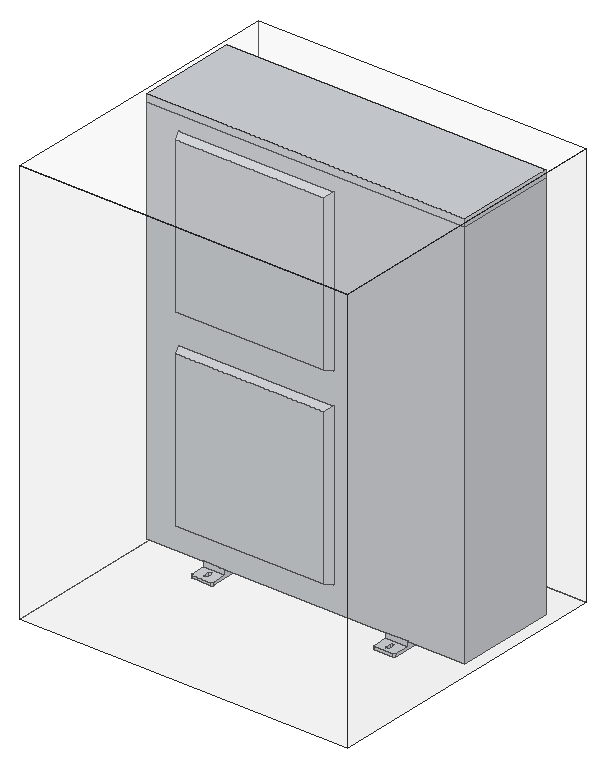
Revit family "puz-dhrmp80_140ka2_50hz", category 機械設備, Revit 2019
Family settings
  丸型コネクタ寸法 = 直径を使用
  パーツ タイプ = 標準
  OmniClass 番号 = 23.75.10.24.21.27.27
  OmniClass タイトル = Split System Air Conditioning Units
  作業面ベース = いいえ
  常に垂直 = はい
  ロード時にボイドで切り取り = いいえ
  共有 = いいえ
  部屋計算ポイント = いいえ
Parameters (values of type "室外機_PUZ-DHRMP80KA2 (-BS,BSG)")
  音響パワーレベル（冷）(dB) = 66
  音響パワーレベル(dB) = 68
  電源種別 = ""
  電源位置Y = 2 mm
  電源位置Z = 1063 mm
  電源位置X = 325 mm
  電圧 = 200 V
  電動機出力_送風機 = 0.12 kW
  電動機出力_圧縮機 = 1.5 kW
  集中コントローラ [instance] = ""
  運転質量 = 0.00 kg
  運転方法 = "冷暖切替"
  質量 = if(製品質量 > 運転質量, 製品質量, 運転質量) * 1.2  # 138.00 kg
  負荷分類 = 1_熱源類
  説明 = "空冷H/P PAC インバータ室外機"
  設計暖房能力 [instance] = 0 kW
  設計冷房能力_顕熱 [instance] = 0 kW
  設計冷房能力 [instance] = 0 kW
  設置方法 = "床置形"
  記号 [instance] = ""
  製造元 = "三菱電機株式会社"
  製品質量 = 115.00 kg
  製品出荷対象 = "国内"
  製品リリース年月 = ""
  製品グループ = ""
  系統 [instance] = ""
  符号 = "PAC"
  積算_科目 = "1 空気調和設備"
  積算_拾い区分 [instance] = ""
  相 = 3
  盤記号 [instance] = ""
  発停方法 = "付属スイッチ"
  特殊仕様 [instance] = ""
  消費電力_暖房 = 1.92 kW
  消費電力_冷房 = 1.77 kW
  消費電力 = if(消費電力_冷房 > 消費電力_暖房, 消費電力_冷房, 消費電力_暖房)  # 1.92 kW
  法定耐用年数 = "6"
  構成品番 = "PUZ-DHRMP80KA2 (-BS,-BSG)"
  極数 = 3
  材質 [instance] = ""
  本体マテリアル = none
  最小電線太さ_mm2 = 1.6
  最大電流値 = 0 A
  暖房能力 = 8 kW
  推奨ブレーカー容量 = 30 A
  据付ピッチ1 = 0 mm
  形式 = "パッケージ形 室外機"
  形名 = PUZ-ZRMP-3 : PUZ-ZRMP112KA11
  幹線記号 [instance] = ""
  始動方式 = "インバータ始動方式"
  呼称 = "パッケージ形空気調和機_室外機"
  周波数 = 50 Hz
  価格 = 0
  ドレン　位置Z = 23 mm
  ドレン　位置Y = 176 mm
  ドレン　位置X = 45 mm
  アンカーボルト位置Y = 370 mm
  アンカーボルト位置X = 600 mm
  参照している仕様書等のバージョン = "公共建築物標準仕様書（機械設備工事編）平成31年度版"
  分類コード = "50053003126100"
  分類グループ = ""
  冷房能力 = 7.1 kW
  冷媒管（ガス）位置X = 483 mm
  冷媒管（液）位置X = 423 mm
  冷媒管（液）位置Y = 290 mm
  冷媒管（ガス）位置Y = 234 mm
  冷媒管長 [instance] = 0 mm
  冷媒管径符号 = "Bd"
  冷媒管径 = 100.00 mm
  冷媒管位置Z = 450 mm
  冷媒管位置Y = (冷媒管（液）位置Y + 冷媒管（ガス）位置Y) / 2  # 262 mm
  冷媒管位置X = (冷媒管（液）位置X + 冷媒管（ガス）位置X) / 2  # 453 mm
  冷媒液管径 = 9.52 mm
  冷媒ガス管径 = 15.88 mm
  企業コード = "108420"
  付属品 [instance] = ""
  仕様書バージョン = "Version1.0"
  ユニット数 = 1
  Model = ""
  ドレン管径 = 33.00 mm
  サービススペース = yes
  コメント [instance] = ""
  ケーブル種類1 = ""
  【値が 0 の項目は組合せ形名にてご確認ください】 = ""
  Width = 1050 mm
  Version = ""
  Uniclass2015Version = "Systems v1.9"
  Uniclass2015Title = "Split coil remote air cooled condensing units"
  Uniclass2015Code = "Pr_70_65_03_84"
  URL = "https://www.mitsubishielectric.co.jp/ldg/wink/ssl/top.do"
  SpecificationReference = ""
  SpecificationDescription = ""
  Revision = ""
  ProductInformation = ""
  OmniClassCode = "23-33 17 13 11"
  IfcTypeProduct = ""
  IfcProduct = ""
  IfcExportType = "AIRCONDITIONINGUNIT"
  IfcExportAs = "IfcUnitaryEquipmentType"
  Height = 1338 mm
  Depth = 330 mm
  Clearance Top = 0 mm
  Clearance Right = 15 mm
  Clearance Left = 15 mm
  Clearance Front = 500 mm
  Clearance Bottom = 0 mm
  Clearance Back = 150 mm
  COP = 0
  Author = "三菱電機株式会社"
  APF = 0
Reference planes
  plane 1 "中心(正面/背面)": y = 74
  plane 2: z = 0
  plane 3 "中心(左/右)": x = 830
  plane 4 "右": x = 1355
  plane 5 "左": x = 305
  plane 6 "背面": y = 239
  plane 7 "正面": y = -91
  plane 8 "上部": z = 1338
  plane 9 "Clearanse Top": z = 1338
  plane 10 "SS_back": y = 389
  plane 11 "SS_front": y = -591
  plane 12 "SS_left": x = 290
  plane 13 "SS_right": x = 1370
  plane 14: z = 0
  plane 15: y = -89
  plane 16: x = 1155
  plane 17: z = 1063
  plane 18: y = -87
  plane 19: y = -23
  plane 20: x = 1283
  plane 21: z = 450
  plane 22: z = 452
  plane 23: y = 63
  plane 24: x = 350
  plane 25: z = 25
  plane 26: z = 23
  plane 27: x = 530
  plane 28: x = 1130
  plane 29: y = 259
  plane 30: y = -111
Forms (mm)
  Extrusion 1, solid, detail levels fine
    sketch origin (0, -91, 0) x (1, 0, 0) y (0, 0, 1)
      loop
        circle (1155, 1063) r 13.5
    from -4 to -2
  Extrusion 2, solid, detail levels fine
    sketch origin (-1437.329, -1524, 54) x (-1, 0, 0) y (0, -1, 0)
      loop
        circle (-2720.329, -1501) r 50
    from 396 to 398
  Extrusion 3, solid, detail levels fine
    sketch origin (-1437.329, -1524, 54) x (-1, 0, 0) y (0, -1, 0)
      loop
        circle (-1787.329, -1587) r 16.5
    from -31 to -29
Lines and regions (mm)
  model lines, not visible
    curve 1: line (460, 178.667, 1289.179) -> (460, 297.73, 1289.179)
    curve 2: line (460, 178.667, 1056.056) -> (460, 178.667, 1289.179)
    curve 3: line (460, 297.73, 1056.056) -> (460, 178.667, 1056.056)
    curve 4: line (460, 297.73, 1289.179) -> (460, 297.73, 1056.056)
    curve 5: line (460, 47.598, 1289.179) -> (460, 166.661, 1289.179)
    curve 6: line (460, 47.598, 1056.056) -> (460, 47.598, 1289.179)
    curve 7: line (460, 166.661, 1056.056) -> (460, 47.598, 1056.056)
    curve 8: line (460, 166.661, 1289.179) -> (460, 166.661, 1056.056)
    curve 9: line (460, -83.471, 1289.179) -> (460, 35.592, 1289.179)
    curve 10: line (460, -83.471, 1056.056) -> (460, -83.471, 1289.179)
    curve 11: line (460, 35.592, 1056.056) -> (460, -83.471, 1056.056)
    curve 12: line (460, 35.592, 1289.179) -> (460, 35.592, 1056.056)
    curve 13: line (460, -150.779, 1289.179) -> (460, -95.75, 1289.179)
    curve 14: line (460, -150.779, 1056.056) -> (460, -150.779, 1289.179)
    curve 15: line (460, -95.75, 1056.056) -> (460, -150.779, 1056.056)
    curve 16: line (460, -95.75, 1289.179) -> (460, -95.75, 1056.056)
    curve 17: line (460, -150.779, 1283.175) -> (460, -132.596, 1283.175)
    curve 18: line (460, -150.779, 1062.059) -> (460, -150.779, 1283.175)
    curve 19: line (460, -132.596, 1062.059) -> (460, -150.779, 1062.059)
    curve 20: line (460, -132.596, 1283.175) -> (460, -132.596, 1062.059)
    curve 21: line (460, 178.667, 1046.051) -> (460, 297.73, 1046.051)
    curve 22: line (460, 178.667, 812.928) -> (460, 178.667, 1046.051)
    curve 23: line (460, 297.73, 812.928) -> (460, 178.667, 812.928)
    curve 24: line (460, 297.73, 1046.051) -> (460, 297.73, 812.928)
    curve 25: line (460, 47.598, 1046.051) -> (460, 166.661, 1046.051)
    curve 26: line (460, 47.598, 812.928) -> (460, 47.598, 1046.051)
    curve 27: line (460, 166.661, 812.928) -> (460, 47.598, 812.928)
    curve 28: line (460, 166.661, 1046.051) -> (460, 166.661, 812.928)
    curve 29: line (460, -83.471, 1046.051) -> (460, 35.592, 1046.051)
    curve 30: line (460, -83.471, 812.928) -> (460, -83.471, 1046.051)
    curve 31: line (460, 35.592, 812.928) -> (460, -83.471, 812.928)
    curve 32: line (460, 35.592, 1046.051) -> (460, 35.592, 812.928)
    curve 33: line (460, -150.779, 1046.051) -> (460, -95.75, 1046.051)
    curve 34: line (460, -150.779, 812.928) -> (460, -150.779, 1046.051)
    curve 35: line (460, -95.75, 812.928) -> (460, -150.779, 812.928)
    curve 36: line (460, -95.75, 1046.051) -> (460, -95.75, 812.928)
    curve 37: line (460, -150.779, 1040.048) -> (460, -132.596, 1040.048)
    curve 38: line (460, -150.779, 818.931) -> (460, -150.779, 1040.048)
    curve 39: line (460, -132.596, 818.931) -> (460, -150.779, 818.931)
    curve 40: line (460, -132.596, 1040.048) -> (460, -132.596, 818.931)
    curve 41: line (460, 178.667, 802.923) -> (460, 297.73, 802.923)
    curve 42: line (460, 178.667, 569.8) -> (460, 178.667, 802.923)
    curve 43: line (460, 297.73, 569.8) -> (460, 178.667, 569.8)
    curve 44: line (460, 297.73, 802.923) -> (460, 297.73, 569.8)
    curve 45: line (460, 47.598, 802.923) -> (460, 166.661, 802.923)
    curve 46: line (460, 47.598, 569.8) -> (460, 47.598, 802.923)
    curve 47: line (460, 166.661, 569.8) -> (460, 47.598, 569.8)
    curve 48: line (460, 166.661, 802.923) -> (460, 166.661, 569.8)
    curve 49: line (460, -83.471, 802.923) -> (460, 35.592, 802.923)
    curve 50: line (460, -83.471, 569.8) -> (460, -83.471, 802.923)
    curve 51: line (460, 35.592, 569.8) -> (460, -83.471, 569.8)
    curve 52: line (460, 35.592, 802.923) -> (460, 35.592, 569.8)
    curve 53: line (460, -150.779, 802.923) -> (460, -95.75, 802.923)
    curve 54: line (460, -150.779, 569.8) -> (460, -150.779, 802.923)
    curve 55: line (460, -95.75, 569.8) -> (460, -150.779, 569.8)
    curve 56: line (460, -95.75, 802.923) -> (460, -95.75, 569.8)
    curve 57: line (460, -150.779, 796.92) -> (460, -132.596, 796.92)
    curve 58: line (460, -150.779, 575.803) -> (460, -150.779, 796.92)
    curve 59: line (460, -132.596, 575.803) -> (460, -150.779, 575.803)
    curve 60: line (460, -132.596, 796.92) -> (460, -132.596, 575.803)
    curve 61: line (460, 178.667, 559.795) -> (460, 297.73, 559.795)
    curve 62: line (460, 178.667, 326.672) -> (460, 178.667, 559.795)
    curve 63: line (460, 297.73, 326.672) -> (460, 178.667, 326.672)
    curve 64: line (460, 297.73, 559.795) -> (460, 297.73, 326.672)
    curve 65: line (460, 47.598, 559.795) -> (460, 166.661, 559.795)
    curve 66: line (460, 47.598, 326.672) -> (460, 47.598, 559.795)
    curve 67: line (460, 166.661, 326.672) -> (460, 47.598, 326.672)
    curve 68: line (460, 166.661, 559.795) -> (460, 166.661, 326.672)
    curve 69: line (460, -83.471, 559.795) -> (460, 35.592, 559.795)
    curve 70: line (460, -83.471, 326.672) -> (460, -83.471, 559.795)
    curve 71: line (460, 35.592, 326.672) -> (460, -83.471, 326.672)
    curve 72: line (460, 35.592, 559.795) -> (460, 35.592, 326.672)
    curve 73: line (460, -150.779, 559.795) -> (460, -95.75, 559.795)
    curve 74: line (460, -150.779, 326.672) -> (460, -150.779, 559.795)
    curve 75: line (460, -95.75, 326.672) -> (460, -150.779, 326.672)
    curve 76: line (460, -95.75, 559.795) -> (460, -95.75, 326.672)
    curve 77: line (460, -150.779, 553.792) -> (460, -132.596, 553.792)
    curve 78: line (460, -150.779, 332.675) -> (460, -150.779, 553.792)
    curve 79: line (460, -132.596, 332.675) -> (460, -150.779, 332.675)
    curve 80: line (460, -132.596, 553.792) -> (460, -132.596, 332.675)
    curve 81: line (460, 178.667, 316.667) -> (460, 297.73, 316.667)
    curve 82: line (460, 178.667, 83.544) -> (460, 178.667, 316.667)
    curve 83: line (460, 297.73, 83.544) -> (460, 178.667, 83.544)
    curve 84: line (460, 297.73, 316.667) -> (460, 297.73, 83.544)
    curve 85: line (460, 47.598, 316.667) -> (460, 166.661, 316.667)
    curve 86: line (460, 47.598, 83.544) -> (460, 47.598, 316.667)
    curve 87: line (460, 166.661, 83.544) -> (460, 47.598, 83.544)
    curve 88: line (460, 166.661, 316.667) -> (460, 166.661, 83.544)
    curve 89: line (460, -83.471, 316.667) -> (460, 35.592, 316.667)
    curve 90: line (460, -83.471, 83.544) -> (460, -83.471, 316.667)
    curve 91: line (460, 35.592, 83.544) -> (460, -83.471, 83.544)
    curve 92: line (460, 35.592, 316.667) -> (460, 35.592, 83.544)
    curve 93: line (460, -150.779, 316.667) -> (460, -95.75, 316.667)
    curve 94: line (460, -150.779, 83.544) -> (460, -150.779, 316.667)
    curve 95: line (460, -95.75, 83.544) -> (460, -150.779, 83.544)
    curve 96: line (460, -95.75, 316.667) -> (460, -95.75, 83.544)
    curve 97: line (460, -150.779, 310.664) -> (460, -132.596, 310.664)
    curve 98: line (460, -150.779, 89.547) -> (460, -150.779, 310.664)
    curve 99: line (460, -132.596, 89.547) -> (460, -150.779, 89.547)
    curve 100: line (460, -132.596, 310.664) -> (460, -132.596, 89.547)
Dimensions and locks
  equal spacing: plane 7 "正面", plane 1 "中心(正面/背面)", plane 6 "背面"
  "Depth": plane 7 "正面" to plane 6 "背面"
  "Width": plane 5 "左" to plane 4 "右"
  equal spacing: plane 5 "左", plane 3 "中心(左/右)", plane 4 "右"
  "Clearance Left": plane 12 "SS_left" to plane 5 "左"
  "Clearance Right": plane 4 "右" to plane 13 "SS_right"
  "Clearance Back": plane 6 "背面" to plane 10 "SS_back"
  "Clearance Front": plane 11 "SS_front" to plane 7 "正面"
  "Height": plane 8 "上部" to level
  "Clearance Top": plane 9 "Clearanse Top" to plane 8 "上部"
  "Clearance Bottom": level to plane 14
  "電源位置X": plane 3 "中心(左/右)" to plane 16
  "電源位置Y": plane 7 "正面" to plane 15
  "電源位置Z": plane 17 to level
  locked: plane 15 to plane 18 at 2
  "冷媒管位置X": plane 3 "中心(左/右)" to plane 20
  "冷媒管位置Y": plane 19 to plane 6 "背面"
  "冷媒管位置Z": plane 21 to level
  locked: plane 22 to plane 21 at 2
  "ドレン　位置X": plane 5 "左" to plane 24
  "ドレン　位置Y": plane 23 to plane 6 "背面"
  locked: plane 25 to plane 26 at 2
  "ドレン　位置Z": plane 26 to level
  equal spacing: plane 30, plane 1 "中心(正面/背面)", plane 29
  "アンカーボルト位置Y": plane 30 to plane 29
  equal spacing: plane 27, plane 3 "中心(左/右)", plane 28
  "アンカーボルト位置X": plane 27 to plane 28
  radius of Extrusion 1 sketch curve = 13.5 mm
  "冷媒管径": diameter of Extrusion 2 sketch curve
  "ドレン管径": diameter of Extrusion 3 sketch curve
  aligned and locked: level to plane 2
  aligned and locked: plane 10 "SS_back" to nested 1  (x2)
  aligned and locked: plane 13 "SS_right" to nested 1
  aligned and locked: plane 12 "SS_left" to nested 1  (x2)
  aligned and locked: nested 1 to plane 13 "SS_right"
  aligned and locked: plane 11 "SS_front" to nested 1
  aligned and locked: plane 9 "Clearanse Top" to nested 1
  aligned and locked: plane 1 "中心(正面/背面)" to nested 2
  aligned and locked: plane 3 "中心(左/右)" to nested 2
  aligned and locked: plane 14 to nested 1
  aligned and locked: plane 17 to Extrusion 1 sketch curve
  aligned and locked: plane 16 to Extrusion 1 sketch curve
  aligned and locked: Extrusion 1 to plane 18
  aligned and locked: plane 15 to Extrusion 1
  aligned and locked: plane 19 to Extrusion 2 sketch curve
  aligned and locked: plane 20 to Extrusion 2 sketch curve
  aligned and locked: plane 22 to Extrusion 2
  aligned and locked: Extrusion 2 to plane 21
  aligned and locked: plane 24 to Extrusion 3 sketch curve
  aligned and locked: plane 23 to Extrusion 3 sketch curve
  aligned and locked: plane 25 to Extrusion 3
  aligned and locked: Extrusion 3 to plane 26
  aligned and locked: plane 27 to nested 3
  aligned and locked: plane 29 to nested 3
Nested families
  nested 1: "サービススペース" at (830, -101, 669), visible <- "サービススペース", type "サービススペース"
    with Width 1080 mm, Height 1338 mm, Depth 980 mm
  nested 2: "PUZ-ZRMP-3" at (830, 74, 0), type <- "形名", type "PUZ-ZRMP112KA11"
  nested 3: "固定点" at (530, -111, 0), type "固定点"
    with W 600 mm, D 370 mm
Connectors
  piping at (1283, -23, 450), diameter 100, driven by "冷媒管径", driven by "冷媒管径符号"
    settings: on Extrusion 2, index 1, connector inside diameter 609.60 mm, connector length 0 mm, flow factor 0, pipe flow 0.0 L/s, pressure drop 0.0 Pa, fitting loss kfactor 0, connector angle 0.00°, fixture units 0, engagement length 0 mm, angle of deflection 0.00°, flow configuration 1, flow direction 2, fitting loss method 4, system type 7, joint type 0, gender type 0, connector reference index -1, connector utility 0, adjustable connector no, is connector primary yes, connector description "Bd"
  electrical at (1155, -89, 1063), driven by "極数", driven by "負荷分類", driven by "電圧", driven by "消費電力"
    settings: on Extrusion 1, index 2, voltage 200 V, apparent load 1920 VA, apparent load phase1 0 VA, apparent load phase2 0 VA, apparent load phase3 0 VA, power factor 1, load classification "1_熱源類", number of poles 3, system type 30, power factor state 1, is connector primary yes, connector utility no, sub classification motor no, connector description ""
Definition of nested family "サービススペース"
  Parameters (values of type "サービススペース")
    Width [instance] = 500 mm
    Height [instance] = 500 mm
    Depth [instance] = 500 mm
  Reference planes
    plane 1 "中心(正面/背面)": y = 0
    plane 2: z = 0
    plane 3 "中心(左/右)": x = 0
    plane 4: y = -250
    plane 5: x = 250
    plane 6: y = 250
    plane 7: x = -250
    plane 8: z = 250
    plane 9: z = -250
  Forms (mm)
    Extrusion 1, solid
      sketch origin (-638.939, 0, 72.39) x (1, 0, 0) y (0, 1, 0)
        loop
          line (388.939, 250) -> (388.939, -250) -> (888.939, -250) -> (888.939, 250) -> (388.939, 250)
      from -322.39 to 177.61
  Lines and regions (mm)
    symbolic lines
      curve 1: line (-250, 0, 250) -> (250, 0, 250)
      curve 2: line (-250, 0, -250) -> (-250, 0, 250)
      curve 3: line (250, 0, -250) -> (-250, 0, -250)
      curve 4: line (250, 0, 250) -> (250, 0, -250)
      curve 5: line (0, -250, 250) -> (0, 250, 250)
      curve 6: line (0, -250, -250) -> (0, -250, 250)
      curve 7: line (0, 250, -250) -> (0, -250, -250)
      curve 8: line (0, 250, 250) -> (0, 250, -250)
      curve 9: line (-250, 250, 0) -> (250, 250, 0)
      curve 10: line (-250, -250, 0) -> (-250, 250, 0)
      curve 11: line (250, -250, 0) -> (-250, -250, 0)
      curve 12: line (250, 250, 0) -> (250, -250, 0)
  Dimensions and locks
    equal spacing: plane 7, plane 3 "中心(左/右)", plane 5
    equal spacing: plane 4, plane 1 "中心(正面/背面)", plane 6
    "Depth": plane 4 to plane 6
    "Width": plane 7 to plane 5
    equal spacing: plane 8, plane 2, plane 9
    "Height": plane 8 to plane 9
    aligned and locked: plane 9 to curve 3
    aligned and locked: plane 7 to curve 2
    aligned and locked: curve 4 to plane 5
    aligned and locked: plane 5 to Extrusion 1
    aligned and locked: Extrusion 1 to plane 7
    aligned and locked: Extrusion 1 to plane 9
    aligned and locked: plane 8 to Extrusion 1
    aligned and locked: plane 9 to curve 7
  Automatic sketch dimensions
    plane 4 to Extrusion 1 sketch curve = 0 mm
    Extrusion 1 sketch curve to plane 7 = 0 mm
    Extrusion 1 sketch curve to plane 5 = 0 mm
    plane 6 to Extrusion 1 sketch curve = 0 mm
    curve 2 to plane 8 = 0 mm
    plane 4 to curve 11 = 0 mm
    curve 11 to plane 7 = 0 mm
    curve 11 to plane 5 = 0 mm
    plane 6 to curve 10 = 0 mm
    curve 7 to plane 4 = 0 mm
    curve 7 to plane 6 = 0 mm
    curve 6 to plane 8 = 0 mm
Definition of nested family "PUZ-ZRMP-3"
  Parameters (values of type "PUZ-ZRMP112KA11")
    配線取出口サイズ = 27 mm
    配線取出口-Z = 1063 mm
    配線取出口-Y = 325 mm
    配線取出口-X = 325 mm
    液配管サイズ = 100 mm
    高さ = 1338 mm
    換気-W = 362 mm
    換気-H2 = 632 mm
    換気-H1 = 369 mm
    換気-D = 25 mm
    奥行き = 330 mm
    吊りボルト_H = 0 mm
    吊りボルト-φ = 12 mm
    冷媒配管サイズ = 9.52 mm
    冷媒液管径-Z = 450 mm
    冷媒液管径-Y = 290 mm
    冷媒液管径-X = 423 mm
    冷媒ガス管径-Z = 421 mm
    冷媒ガス管径-Y = 234 mm
    冷媒ガス管径-X = 483 mm
    吊りボルト-W = 600 mm
    マテリアル = none
    ドレン配管サイズ = 33 mm
    ドレン管径-Z = 0 mm
    ドレン管径-Y = 154 mm
    ドレン管径-X = 480 mm
    タイプ3 = yes
    タイプ2 = no
    タイプ1 = no
    ガス配管サイズ = 15.88 mm
    吊りボルト-D = 370 mm
    幅さ = 1050 mm
    a = 幅さ / 2  # 525 mm
  Reference planes
    plane 1 "中心(正面/背面)": y = 0
    plane 2: z = 0
    plane 3 "中心(左/右)": x = 0
    plane 4: z = 1338
    plane 5: x = -525
    plane 6: x = 525
    plane 7: y = 165
    plane 8: y = -165
    plane 9: x = 587
    plane 10: y = -105
    plane 11: y = 5
    plane 12: z = 1313
    plane 13: x = -545
    plane 14: x = -300
    plane 15: x = 300
    plane 16: y = 185
    plane 17: y = -185
    plane 18: x = 335
    plane 19: x = 265
    plane 20: x = -265
    plane 21: x = -335
    plane 22: y = 204
    plane 23: y = -218
    plane 24: z = 8.5
    plane 25: z = 25
    plane 26: z = 23
    plane 27: z = 1333
    plane 28: y = -40
    plane 29: y = 40
    plane 30: y = -30
    plane 31: y = 30
    plane 32: z = 1318
    plane 33: z = 55
    plane 34: z = 225
    plane 35: z = 570
    plane 36: x = 535
    plane 37: x = 556
    plane 38: y = -190
    plane 39: x = -163
    plane 40: z = 369
    plane 41: x = 91
    plane 42: x = -417
    plane 43: z = 633
    plane 44: z = 105
    plane 45: x = -407
    plane 46: x = 81
    plane 47: z = 623
    plane 48: z = 115
    plane 49: y = 115
    plane 50: y = -115
    plane 51: x = -480
    plane 52: y = -11
    plane 53: x = 483
    plane 54: x = 325
    plane 55: y = -160
    plane 56: y = -125
    plane 57: y = -69
    plane 58: x = 423
    plane 59: z = 421
    plane 60: z = 450
    plane 61: z = 1063
    plane 62: y = -110
    plane 63: z = 550
    plane 64: z = 550
    plane 65: x = 453
    plane 66: y = -97
    plane 67 "グループ": x = -525
    plane 68: z = 1338
    plane 69: z = 943
    plane 70: z = 1001
    plane 71: z = 1265
    plane 72: z = 737
    plane 73: z = 1255
    plane 74: z = 747
    plane 75: y = 125
    plane 76: x = -370
    plane 77: x = -210
    plane 78: x = -50
    plane 79: x = 110
  Forms (mm)
    Extrusion 1, solid, visible <- "タイプ3", detail levels fine
      sketch origin (-1437.329, -1524, 1338) x (-1, 0, 0) y (0, -1, 0)
        loop
          line (-1102.329, -1689) -> (-1102.329, -1359) -> (-1172.329, -1359) -> (-1172.329, -1689) -> (-1102.329, -1689)
        loop
          line (-1702.329, -1689) -> (-1702.329, -1359) -> (-1772.329, -1359) -> (-1772.329, -1689) -> (-1702.329, -1689)
      from -1338 to -1313
    Extrusion 2, solid, material <- "マテリアル", visible <- "タイプ3", detail levels fine
      sketch origin (-1437.329, -1524, 1338) x (-1, 0, 0) y (0, -1, 0)
        loop
          line (-1962.329, -1689) -> (-912.329, -1689) -> (-912.329, -1359) -> (-1962.329, -1359) -> (-1962.329, -1689)
      from -1313 to -25
    Extrusion 3, solid, material <- "マテリアル", visible <- "タイプ3", detail levels fine
      sketch origin (-1437.329, -1524, 1338) x (-1, 0, 0) y (0, -1, 0)
        loop
          line (-912.329, -1689) -> (-912.329, -1359) -> (-1962.329, -1359) -> (-1962.329, -1689) -> (-912.329, -1689)
      from -25 to 0
    Blend 4, solid, material <- "マテリアル", visible <- "タイプ3", detail levels fine
      base sketch origin (0, 0, 0) x (1, 0, 0) y (0, 0, 1)
        loop
          line (-417, 633) -> (-417, 105) -> (91, 105) -> (91, 633) -> (-417, 633)
      top sketch origin (0, 0, 0) x (1, 0, 0) y (0, 0, 1)
        loop
          line (-407, 623) -> (-407, 115) -> (81, 115) -> (81, 623) -> (-407, 623)
      from 165 to 190
    Extrusion 5, solid, material <- "マテリアル", visible <- "タイプ3", detail levels fine
      sketch origin (-1437.329, -1524, 1338) x (-1, 0, 0) y (0, -1, 0)
        loop
          circle (-1920.329, -1455) r 7.94
      from -917 to -788
    Extrusion 6, solid, material <- "マテリアル", visible <- "タイプ3", detail levels fine
      sketch origin (-1437.329, -1524, 1338) x (-1, 0, 0) y (0, -1, 0)
        loop
          circle (-1860.329, -1399) r 4.76
      from -888 to -788
    Extrusion 7, solid, material <- "マテリアル", visible <- "タイプ3", detail levels fine
      sketch origin (1480.036, -190, 1200) x (1, 0, 0) y (0, 0, 1)
        loop
          circle (-1155.036, -137) r 13.5
      from -80 to -30
    Extrusion 8, solid, material <- "マテリアル", visible <- "タイプ3", detail levels fine
      sketch origin (-1437.329, -1524, 1338) x (-1, 0, 0) y (0, -1, 0)
        loop
          circle (-1890.329, -1427) r 50
      from -888 to -788
    Blend 9, solid, material <- "マテリアル", visible <- "タイプ3", detail levels fine
      base sketch origin (1480.036, -190, 1200) x (1, 0, 0) y (0, 0, 1)
        loop
          line (-1897.036, 65) -> (-1897.036, -463) -> (-1389.036, -463) -> (-1389.036, 65) -> (-1897.036, 65)
      top sketch origin (1480.036, -190, 1200) x (1, 0, 0) y (0, 0, 1)
        loop
          line (-1887.036, 55) -> (-1887.036, -453) -> (-1399.036, -453) -> (-1399.036, 55) -> (-1887.036, 55)
      from -25 to 0
    Extrusion 10, solid, visible <- "タイプ3", detail levels fine
      sketch origin (-1437.329, -1524, 1338) x (-1, 0, 0) y (0, -1, 0)
        loop
          line (-1102.329, -1728) -> (-1102.329, -1689) -> (-1172.329, -1689) -> (-1172.329, -1728) -> (-1143.329, -1728) -> (-1143.329, -1709)
          arc (-1143.329, -1709) -> (-1137.329, -1703) -> (-1131.329, -1709) r 6
          line (-1131.329, -1709) -> (-1131.329, -1728) -> (-1102.329, -1728)
        loop
          line (-1102.329, -1359) -> (-1102.329, -1311)
          arc (-1102.329, -1311) -> (-1103.794, -1307.464) -> (-1107.329, -1306) r 5
          line (-1107.329, -1306) -> (-1167.329, -1306)
          arc (-1167.329, -1306) -> (-1170.865, -1307.464) -> (-1172.329, -1311) r 5
          line (-1172.329, -1311) -> (-1172.329, -1359) -> (-1102.329, -1359)
        loop
          arc (-1143.329, -1339) -> (-1137.329, -1345) -> (-1131.329, -1339) r 6
          line (-1131.329, -1339) -> (-1131.329, -1324)
          arc (-1131.329, -1324) -> (-1137.329, -1318) -> (-1143.329, -1324) r 6
          line (-1143.329, -1324) -> (-1143.329, -1339)
        loop
          line (-1772.329, -1728) -> (-1743.329, -1728) -> (-1743.329, -1709)
          arc (-1743.329, -1709) -> (-1737.329, -1703) -> (-1731.329, -1709) r 6
          line (-1731.329, -1709) -> (-1731.329, -1728) -> (-1702.329, -1728) -> (-1702.329, -1689) -> (-1772.329, -1689) -> (-1772.329, -1728)
        loop
          line (-1772.329, -1359) -> (-1702.329, -1359) -> (-1702.329, -1311)
          arc (-1702.329, -1311) -> (-1703.794, -1307.464) -> (-1707.329, -1306) r 5
          line (-1707.329, -1306) -> (-1767.329, -1306)
          arc (-1767.329, -1306) -> (-1770.865, -1307.464) -> (-1772.329, -1311) r 5
          line (-1772.329, -1311) -> (-1772.329, -1359)
        loop
          line (-1731.329, -1339) -> (-1731.329, -1324)
          arc (-1731.329, -1324) -> (-1737.329, -1318) -> (-1743.329, -1324) r 6
          line (-1743.329, -1324) -> (-1743.329, -1339)
          arc (-1743.329, -1339) -> (-1737.329, -1345) -> (-1731.329, -1339) r 6
      from -1338 to -1329.5
    Extrusion 11, solid, material <- "マテリアル", visible <- "タイプ3", detail levels fine
      sketch origin (-1437.329, -1524, 1338) x (-1, 0, 0) y (0, -1, 0)
        loop
          circle (-957.329, -1513) r 16.5
        loop
          circle (-1067.329, -1649) r 16.5
        loop
          circle (-1227.329, -1649) r 16.5
        loop
          circle (-1387.329, -1649) r 16.5
        loop
          circle (-1547.329, -1649) r 16.5
      from -1315 to -1313
  Cuts and joins
    joined: Extrusion 1, Extrusion 10
  Lines and regions (mm)
    Masking region 1, visible <- "タイプ3", detail levels coarse+medium
      outline origin (-1437.329, -1524, 1338) x (-1, 0, 0) y (0, -1, 0)
        loop
          line (-1962.329, -1689) -> (-1772.329, -1689) -> (-1772.329, -1728) -> (-1702.329, -1728) -> (-1702.329, -1689) -> (-1172.329, -1689) -> (-1172.329, -1728) -> (-1102.329, -1728) -> (-1102.329, -1689) -> (-912.329, -1689) -> (-912.329, -1359) -> (-1020.329, -1359) -> (-1030.329, -1334) -> (-1102.329, -1334) -> (-1102.329, -1306) -> (-1172.329, -1306) -> (-1172.329, -1334) -> (-1518.329, -1334) -> (-1528.329, -1359) -> (-1702.329, -1359) -> (-1702.329, -1306) -> (-1772.329, -1306) -> (-1772.329, -1359) -> (-1962.329, -1359) -> (-1962.329, -1689)
    model lines, visible <- "タイプ3", detail levels fine
      curve 1: line (447, 115, 1338) -> (-445, 115, 1338)
      curve 2: line (-445, -115, 1338) -> (447, -115, 1338)
      curve 3: line (-445, -45, 1338) -> (447, -45, 1338)
      curve 4: line (447, 45, 1338) -> (-445, 45, 1338)
      curve 5: line (-445, -35, 1338) -> (447, -35, 1338)
      curve 6: line (447, 35, 1338) -> (-445, 35, 1338)
      curve 7: line (-445, 115, 1338) -> (-445, 45, 1338)
      curve 8: line (447, -115, 1338) -> (447, -45, 1338)
      curve 9: line (-445, 35, 1338) -> (-445, -35, 1338)
      curve 10: line (-445, -45, 1338) -> (-445, -115, 1338)
      curve 11: line (447, -35, 1338) -> (447, 35, 1338)
      curve 12: line (447, 45, 1338) -> (447, 115, 1338)
      curve 13: line (479, -115, 1338) -> (479, 115, 1338)
      curve 14: line (462, -115, 1338) -> (462, 115, 1338)
      curve 15: line (-475, 115, 1338) -> (-475, -115, 1338)
      curve 16: line (-460, 115, 1338) -> (-460, -115, 1338)
      curve 17: line (-460, 115, 1338) -> (-475, 115, 1338)
      curve 18: line (-460, -115, 1338) -> (-475, -115, 1338)
      curve 19: line (462, 115, 1338) -> (479, 115, 1338)
      curve 20: line (462, -115, 1338) -> (479, -115, 1338)
      curve 21: line (-407, -190, 416.5) -> (81, -190, 416.5)
      curve 22: line (81, -190, 321.5) -> (-407, -190, 321.5)
      curve 23: line (-407, -190, 511.5) -> (81, -190, 511.5)
      curve 24: line (-407, -190, 606.5) -> (81, -190, 606.5)
      curve 25: line (81, -190, 226.5) -> (-407, -190, 226.5)
      curve 26: line (81, -190, 131.5) -> (-407, -190, 131.5)
      curve 27: line (-389.571, -190, 623) -> (-389.571, -190, 115)
      curve 28: line (63.571, -190, 115) -> (63.571, -190, 623)
      curve 29: line (-372.143, -190, 623) -> (-372.143, -190, 115)
      curve 30: line (-354.714, -190, 623) -> (-354.714, -190, 115)
      curve 31: line (-337.286, -190, 623) -> (-337.286, -190, 115)
      curve 32: line (-319.857, -190, 623) -> (-319.857, -190, 115)
      curve 33: line (-302.429, -190, 623) -> (-302.429, -190, 115)
      curve 34: line (-285, -190, 623) -> (-285, -190, 115)
      curve 35: line (-267.571, -190, 623) -> (-267.571, -190, 115)
      curve 36: line (-250.143, -190, 623) -> (-250.143, -190, 115)
      curve 37: line (-232.714, -190, 623) -> (-232.714, -190, 115)
      curve 38: line (-215.286, -190, 623) -> (-215.286, -190, 115)
      curve 39: line (-197.857, -190, 623) -> (-197.857, -190, 115)
      curve 40: line (-180.429, -190, 623) -> (-180.429, -190, 115)
      curve 41: line (-163, -190, 623) -> (-163, -190, 115)
      curve 42: line (-145.571, -190, 623) -> (-145.571, -190, 115)
      curve 43: line (-128.143, -190, 623) -> (-128.143, -190, 115)
      curve 44: line (-110.714, -190, 623) -> (-110.714, -190, 115)
      curve 45: line (-93.286, -190, 623) -> (-93.286, -190, 115)
      curve 46: line (-75.857, -190, 623) -> (-75.857, -190, 115)
      curve 47: line (-58.429, -190, 623) -> (-58.429, -190, 115)
      curve 48: line (-41, -190, 623) -> (-41, -190, 115)
      curve 49: line (-23.571, -190, 623) -> (-23.571, -190, 115)
      curve 50: line (-6.143, -190, 623) -> (-6.143, -190, 115)
      curve 51: line (11.286, -190, 623) -> (11.286, -190, 115)
      curve 52: line (28.714, -190, 623) -> (28.714, -190, 115)
      curve 53: line (46.143, -190, 623) -> (46.143, -190, 115)
      curve 54: line (-525, -100, 87) -> (-525, -60, 87)
      curve 55: line (-525, -100, 277) -> (-525, -100, 87)
      curve 56: line (-525, -60, 277) -> (-525, -100, 277)
      curve 57: line (-525, -60, 87) -> (-525, -60, 277)
      curve 58: line (-525, -100, 292) -> (-525, -60, 292)
      curve 59: line (-525, -100, 482) -> (-525, -100, 292)
      curve 60: line (-525, -60, 482) -> (-525, -100, 482)
      curve 61: line (-525, -60, 292) -> (-525, -60, 482)
      curve 62: line (-525, -100, 497) -> (-525, -60, 497)
      curve 63: line (-525, -100, 687) -> (-525, -100, 497)
      curve 64: line (-525, -60, 687) -> (-525, -100, 687)
      curve 65: line (-525, -60, 497) -> (-525, -60, 687)
      curve 66: line (-525, -100, 702) -> (-525, -60, 702)
      curve 67: line (-525, -100, 892) -> (-525, -100, 702)
      curve 68: line (-525, -60, 892) -> (-525, -100, 892)
      curve 69: line (-525, -60, 702) -> (-525, -60, 892)
      curve 70: line (-525, 60, 87) -> (-525, 100, 87)
      curve 71: line (-525, 60, 277) -> (-525, 60, 87)
      curve 72: line (-525, 100, 277) -> (-525, 60, 277)
      curve 73: line (-525, 100, 87) -> (-525, 100, 277)
      curve 74: line (-525, -46.667, 87) -> (-525, -6.667, 87)
      curve 75: line (-525, -46.667, 277) -> (-525, -46.667, 87)
      curve 76: line (-525, -6.667, 277) -> (-525, -46.667, 277)
      curve 77: line (-525, -6.667, 87) -> (-525, -6.667, 277)
      curve 78: line (-525, 6.667, 87) -> (-525, 46.667, 87)
      curve 79: line (-525, 6.667, 277) -> (-525, 6.667, 87)
      curve 80: line (-525, 46.667, 277) -> (-525, 6.667, 277)
      curve 81: line (-525, 46.667, 87) -> (-525, 46.667, 277)
      curve 82: line (-525, 60, 292) -> (-525, 100, 292)
      curve 83: line (-525, 60, 482) -> (-525, 60, 292)
      curve 84: line (-525, 100, 482) -> (-525, 60, 482)
      curve 85: line (-525, 100, 292) -> (-525, 100, 482)
      curve 86: line (-525, 60, 702) -> (-525, 100, 702)
      curve 87: line (-525, 60, 892) -> (-525, 60, 702)
      curve 88: line (-525, 100, 892) -> (-525, 60, 892)
      curve 89: line (-525, 100, 702) -> (-525, 100, 892)
      curve 90: line (-525, -46.667, 292) -> (-525, -6.667, 292)
      curve 91: line (-525, -46.667, 482) -> (-525, -46.667, 292)
      curve 92: line (-525, -6.667, 482) -> (-525, -46.667, 482)
      curve 93: line (-525, -6.667, 292) -> (-525, -6.667, 482)
      curve 94: line (-525, -46.667, 497) -> (-525, -6.667, 497)
      curve 95: line (-525, -46.667, 687) -> (-525, -46.667, 497)
      curve 96: line (-525, -6.667, 687) -> (-525, -46.667, 687)
      curve 97: line (-525, -6.667, 497) -> (-525, -6.667, 687)
      curve 98: line (-525, -46.667, 702) -> (-525, -6.667, 702)
      curve 99: line (-525, -46.667, 892) -> (-525, -46.667, 702)
      curve 100: line (-525, -6.667, 892) -> (-525, -46.667, 892)
      curve 101: line (-525, -6.667, 702) -> (-525, -6.667, 892)
      curve 102: line (-525, 6.667, 292) -> (-525, 46.667, 292)
      curve 103: line (-525, 6.667, 482) -> (-525, 6.667, 292)
      curve 104: line (-525, 46.667, 482) -> (-525, 6.667, 482)
      curve 105: line (-525, 46.667, 292) -> (-525, 46.667, 482)
      curve 106: line (-525, 6.667, 497) -> (-525, 46.667, 497)
      curve 107: line (-525, 6.667, 687) -> (-525, 6.667, 497)
      curve 108: line (-525, 46.667, 687) -> (-525, 6.667, 687)
      curve 109: line (-525, 46.667, 497) -> (-525, 46.667, 687)
      curve 110: line (-525, 6.667, 702) -> (-525, 46.667, 702)
      curve 111: line (-525, 6.667, 892) -> (-525, 6.667, 702)
      curve 112: line (-525, 46.667, 892) -> (-525, 6.667, 892)
      curve 113: line (-525, 46.667, 702) -> (-525, 46.667, 892)
      curve 114: line (-525, -100, 907) -> (-525, -60, 907)
      curve 115: line (-525, -100, 1097) -> (-525, -100, 907)
      curve 116: line (-525, -60, 1097) -> (-525, -100, 1097)
      curve 117: line (-525, -60, 907) -> (-525, -60, 1097)
      curve 118: line (-525, 60, 907) -> (-525, 100, 907)
      curve 119: line (-525, 60, 1097) -> (-525, 60, 907)
      curve 120: line (-525, 100, 1097) -> (-525, 60, 1097)
      curve 121: line (-525, 100, 907) -> (-525, 100, 1097)
      curve 122: line (-525, -46.667, 907) -> (-525, -6.667, 907)
      curve 123: line (-525, -46.667, 1097) -> (-525, -46.667, 907)
      curve 124: line (-525, -6.667, 1097) -> (-525, -46.667, 1097)
      curve 125: line (-525, -6.667, 907) -> (-525, -6.667, 1097)
      curve 126: line (-525, 6.667, 907) -> (-525, 46.667, 907)
      curve 127: line (-525, 6.667, 1097) -> (-525, 6.667, 907)
      curve 128: line (-525, 46.667, 1097) -> (-525, 6.667, 1097)
      curve 129: line (-525, 46.667, 907) -> (-525, 46.667, 1097)
      curve 130: line (-525, -100, 1112) -> (-525, -60, 1112)
      curve 131: line (-525, -100, 1302) -> (-525, -100, 1112)
      curve 132: line (-525, -60, 1302) -> (-525, -100, 1302)
      curve 133: line (-525, -60, 1112) -> (-525, -60, 1302)
      curve 134: line (-525, 60, 1112) -> (-525, 100, 1112)
      curve 135: line (-525, 60, 1302) -> (-525, 60, 1112)
      curve 136: line (-525, 100, 1302) -> (-525, 60, 1302)
      curve 137: line (-525, 100, 1112) -> (-525, 100, 1302)
      curve 138: line (-525, -46.667, 1112) -> (-525, -6.667, 1112)
      curve 139: line (-525, -46.667, 1302) -> (-525, -46.667, 1112)
      curve 140: line (-525, -6.667, 1302) -> (-525, -46.667, 1302)
      curve 141: line (-525, -6.667, 1112) -> (-525, -6.667, 1302)
      curve 142: line (-525, 6.667, 1112) -> (-525, 46.667, 1112)
      curve 143: line (-525, 6.667, 1302) -> (-525, 6.667, 1112)
      curve 144: line (-525, 46.667, 1302) -> (-525, 6.667, 1302)
      curve 145: line (-525, 46.667, 1112) -> (-525, 46.667, 1302)
      curve 303: line (81, -190, 1238.5) -> (-407, -190, 1238.5)
      curve 304: line (-407, -190, 763.5) -> (81, -190, 763.5)
      curve 305: line (-389.571, -190, 1255) -> (-389.571, -190, 747)
      curve 306: line (81, -190, 858.5) -> (-407, -190, 858.5)
      curve 307: line (81, -190, 1143.5) -> (-407, -190, 1143.5)
      curve 308: line (81, -190, 1048.5) -> (-407, -190, 1048.5)
      curve 309: line (-407, -190, 953.5) -> (81, -190, 953.5)
      curve 310: line (-372.143, -190, 1255) -> (-372.143, -190, 747)
      curve 311: line (-354.714, -190, 1255) -> (-354.714, -190, 747)
      curve 312: line (-337.286, -190, 1255) -> (-337.286, -190, 747)
      curve 313: line (-319.857, -190, 1255) -> (-319.857, -190, 747)
      curve 314: line (-302.429, -190, 1255) -> (-302.429, -190, 747)
      curve 315: line (-285, -190, 1255) -> (-285, -190, 747)
      curve 316: line (-267.571, -190, 1255) -> (-267.571, -190, 747)
      curve 317: line (-250.143, -190, 1255) -> (-250.143, -190, 747)
      curve 318: line (-232.714, -190, 1255) -> (-232.714, -190, 747)
      curve 319: line (-215.286, -190, 1255) -> (-215.286, -190, 747)
      curve 320: line (-197.857, -190, 1255) -> (-197.857, -190, 747)
      curve 321: line (-180.429, -190, 1255) -> (-180.429, -190, 747)
      curve 322: line (-163, -190, 1255) -> (-163, -190, 747)
      curve 323: line (-145.571, -190, 1255) -> (-145.571, -190, 747)
      curve 324: line (-128.143, -190, 1255) -> (-128.143, -190, 747)
      curve 325: line (-110.714, -190, 1255) -> (-110.714, -190, 747)
      curve 326: line (-93.286, -190, 1255) -> (-93.286, -190, 747)
      curve 327: line (-75.857, -190, 1255) -> (-75.857, -190, 747)
      curve 328: line (-58.429, -190, 1255) -> (-58.429, -190, 747)
      curve 329: line (-41, -190, 1255) -> (-41, -190, 747)
      curve 330: line (-23.571, -190, 1255) -> (-23.571, -190, 747)
      curve 331: line (-6.143, -190, 1255) -> (-6.143, -190, 747)
      curve 332: line (11.286, -190, 1255) -> (11.286, -190, 747)
      curve 333: line (28.714, -190, 1255) -> (28.714, -190, 747)
      curve 334: line (46.143, -190, 1255) -> (46.143, -190, 747)
      curve 335: line (63.571, -190, 1255) -> (63.571, -190, 747)
    model lines, visible <- "タイプ3", not visible, detail levels fine
      curve 146: line (-525, -100, 907) -> (-525, -60, 907)
      curve 147: line (-525, -100, 1097) -> (-525, -100, 907)
      curve 148: line (-525, -60, 1097) -> (-525, -100, 1097)
      curve 149: line (-525, -60, 907) -> (-525, -60, 1097)
      curve 150: line (-525, 60, 907) -> (-525, 100, 907)
      curve 151: line (-525, 60, 1097) -> (-525, 60, 907)
      curve 152: line (-525, 100, 1097) -> (-525, 60, 1097)
      curve 153: line (-525, 100, 907) -> (-525, 100, 1097)
      curve 154: line (-525, -46.667, 907) -> (-525, -6.667, 907)
      curve 155: line (-525, -46.667, 1097) -> (-525, -46.667, 907)
      curve 156: line (-525, -6.667, 1097) -> (-525, -46.667, 1097)
      curve 157: line (-525, -6.667, 907) -> (-525, -6.667, 1097)
      curve 158: line (-525, 6.667, 907) -> (-525, 46.667, 907)
      curve 159: line (-525, 6.667, 1097) -> (-525, 6.667, 907)
      curve 160: line (-525, 46.667, 1097) -> (-525, 6.667, 1097)
      curve 161: line (-525, 46.667, 907) -> (-525, 46.667, 1097)
      curve 162: line (-525, -100, 1112) -> (-525, -60, 1112)
      curve 163: line (-525, -100, 1302) -> (-525, -100, 1112)
      curve 164: line (-525, -60, 1302) -> (-525, -100, 1302)
      curve 165: line (-525, -60, 1112) -> (-525, -60, 1302)
      curve 166: line (-525, 60, 1112) -> (-525, 100, 1112)
      curve 167: line (-525, 60, 1302) -> (-525, 60, 1112)
      curve 168: line (-525, 100, 1302) -> (-525, 60, 1302)
      curve 169: line (-525, 100, 1112) -> (-525, 100, 1302)
      curve 170: line (-525, -46.667, 1112) -> (-525, -6.667, 1112)
      curve 171: line (-525, -46.667, 1302) -> (-525, -46.667, 1112)
      curve 172: line (-525, -6.667, 1302) -> (-525, -46.667, 1302)
      curve 173: line (-525, -6.667, 1112) -> (-525, -6.667, 1302)
      curve 174: line (-525, 6.667, 1112) -> (-525, 46.667, 1112)
      curve 175: line (-525, 6.667, 1302) -> (-525, 6.667, 1112)
      curve 176: line (-525, 46.667, 1302) -> (-525, 6.667, 1302)
      curve 177: line (-525, 46.667, 1112) -> (-525, 46.667, 1302)
      curve 194: line (-525, -100, 87) -> (-525, -60, 87)
      curve 195: line (-525, -100, 277) -> (-525, -100, 87)
      curve 196: line (-525, -60, 277) -> (-525, -100, 277)
      curve 197: line (-525, -60, 87) -> (-525, -60, 277)
      curve 198: line (-525, -100, 292) -> (-525, -60, 292)
      curve 199: line (-525, -100, 482) -> (-525, -100, 292)
      curve 200: line (-525, -60, 482) -> (-525, -100, 482)
      curve 201: line (-525, -60, 292) -> (-525, -60, 482)
      curve 202: line (-525, -100, 497) -> (-525, -60, 497)
      curve 203: line (-525, -100, 687) -> (-525, -100, 497)
      curve 204: line (-525, -60, 687) -> (-525, -100, 687)
      curve 205: line (-525, -60, 497) -> (-525, -60, 687)
      curve 206: line (-525, -100, 702) -> (-525, -60, 702)
      curve 207: line (-525, -100, 892) -> (-525, -100, 702)
      curve 208: line (-525, -60, 892) -> (-525, -100, 892)
      curve 209: line (-525, -60, 702) -> (-525, -60, 892)
      curve 210: line (-525, 60, 87) -> (-525, 100, 87)
      curve 211: line (-525, 60, 277) -> (-525, 60, 87)
      curve 212: line (-525, 100, 277) -> (-525, 60, 277)
      curve 213: line (-525, 100, 87) -> (-525, 100, 277)
      curve 214: line (-525, -46.667, 87) -> (-525, -6.667, 87)
      curve 215: line (-525, -46.667, 277) -> (-525, -46.667, 87)
      curve 216: line (-525, -6.667, 277) -> (-525, -46.667, 277)
      curve 217: line (-525, -6.667, 87) -> (-525, -6.667, 277)
      curve 218: line (-525, 6.667, 87) -> (-525, 46.667, 87)
      curve 219: line (-525, 6.667, 277) -> (-525, 6.667, 87)
      curve 220: line (-525, 46.667, 277) -> (-525, 6.667, 277)
      curve 221: line (-525, 46.667, 87) -> (-525, 46.667, 277)
      curve 222: line (-525, 60, 292) -> (-525, 100, 292)
      curve 223: line (-525, 60, 482) -> (-525, 60, 292)
      curve 224: line (-525, 100, 482) -> (-525, 60, 482)
      curve 225: line (-525, 100, 292) -> (-525, 100, 482)
      curve 226: line (-525, 60, 702) -> (-525, 100, 702)
      curve 227: line (-525, 60, 892) -> (-525, 60, 702)
      curve 228: line (-525, 100, 892) -> (-525, 60, 892)
      curve 229: line (-525, 100, 702) -> (-525, 100, 892)
      curve 230: line (-525, -46.667, 292) -> (-525, -6.667, 292)
      curve 231: line (-525, -46.667, 482) -> (-525, -46.667, 292)
      curve 232: line (-525, -6.667, 482) -> (-525, -46.667, 482)
      curve 233: line (-525, -6.667, 292) -> (-525, -6.667, 482)
      curve 234: line (-525, -46.667, 497) -> (-525, -6.667, 497)
      curve 235: line (-525, -46.667, 687) -> (-525, -46.667, 497)
      curve 236: line (-525, -6.667, 687) -> (-525, -46.667, 687)
      curve 237: line (-525, -6.667, 497) -> (-525, -6.667, 687)
      curve 238: line (-525, -46.667, 702) -> (-525, -6.667, 702)
      curve 239: line (-525, -46.667, 892) -> (-525, -46.667, 702)
      curve 240: line (-525, -6.667, 892) -> (-525, -46.667, 892)
      curve 241: line (-525, -6.667, 702) -> (-525, -6.667, 892)
      curve 242: line (-525, 6.667, 292) -> (-525, 46.667, 292)
      curve 243: line (-525, 6.667, 482) -> (-525, 6.667, 292)
      curve 244: line (-525, 46.667, 482) -> (-525, 6.667, 482)
      curve 245: line (-525, 46.667, 292) -> (-525, 46.667, 482)
      curve 246: line (-525, 6.667, 497) -> (-525, 46.667, 497)
      curve 247: line (-525, 6.667, 687) -> (-525, 6.667, 497)
      curve 248: line (-525, 46.667, 687) -> (-525, 6.667, 687)
      curve 249: line (-525, 46.667, 497) -> (-525, 46.667, 687)
      curve 250: line (-525, 6.667, 702) -> (-525, 46.667, 702)
      curve 251: line (-525, 6.667, 892) -> (-525, 6.667, 702)
      curve 252: line (-525, 46.667, 892) -> (-525, 6.667, 892)
      curve 253: line (-525, 46.667, 702) -> (-525, 46.667, 892)
    model lines, visible <- "タイプ2", not visible
      curve 178: line (-600, -100, 33.5) -> (-600, -60, 33.5)
      curve 179: line (-600, -100, 73.5) -> (-600, -100, 33.5)
      curve 180: line (-600, -60, 73.5) -> (-600, -100, 73.5)
      curve 181: line (-600, -60, 33.5) -> (-600, -60, 73.5)
      curve 182: line (-600, 60, 33.5) -> (-600, 100, 33.5)
      curve 183: line (-600, 60, 73.5) -> (-600, 60, 33.5)
      curve 184: line (-600, 100, 73.5) -> (-600, 60, 73.5)
      curve 185: line (-600, 100, 33.5) -> (-600, 100, 73.5)
      curve 186: line (-509, -46.667, 33.5) -> (-509, -6.667, 33.5)
      curve 187: line (-509, -46.667, 73.5) -> (-509, -46.667, 33.5)
      curve 188: line (-509, -6.667, 73.5) -> (-509, -46.667, 73.5)
      curve 189: line (-509, -6.667, 33.5) -> (-509, -6.667, 73.5)
      curve 190: line (-509, 6.667, 33.5) -> (-509, 46.667, 33.5)
      curve 191: line (-509, 6.667, 73.5) -> (-509, 6.667, 33.5)
      curve 192: line (-509, 46.667, 73.5) -> (-509, 6.667, 73.5)
      curve 193: line (-509, 46.667, 33.5) -> (-509, 46.667, 73.5)
      curve 287: line (-404.5, -100, 33.5) -> (-404.5, -60, 33.5)
      curve 288: line (-404.5, -100, 73.5) -> (-404.5, -100, 33.5)
      curve 289: line (-404.5, -60, 73.5) -> (-404.5, -100, 73.5)
      curve 290: line (-404.5, -60, 33.5) -> (-404.5, -60, 73.5)
      curve 291: line (-404.5, 60, 33.5) -> (-404.5, 100, 33.5)
      curve 292: line (-404.5, 60, 73.5) -> (-404.5, 60, 33.5)
      curve 293: line (-404.5, 100, 73.5) -> (-404.5, 60, 73.5)
      curve 294: line (-404.5, 100, 33.5) -> (-404.5, 100, 73.5)
      curve 295: line (-404.5, -46.667, 33.5) -> (-404.5, -6.667, 33.5)
      curve 296: line (-404.5, -46.667, 73.5) -> (-404.5, -46.667, 33.5)
      curve 297: line (-404.5, -6.667, 73.5) -> (-404.5, -46.667, 73.5)
      curve 298: line (-404.5, -6.667, 33.5) -> (-404.5, -6.667, 73.5)
      curve 299: line (-404.5, 6.667, 33.5) -> (-404.5, 46.667, 33.5)
      curve 300: line (-404.5, 6.667, 73.5) -> (-404.5, 6.667, 33.5)
      curve 301: line (-404.5, 46.667, 73.5) -> (-404.5, 6.667, 73.5)
      curve 302: line (-404.5, 46.667, 33.5) -> (-404.5, 46.667, 73.5)
    model lines, not visible
      curve 254: line (-338.5, -173.2, 372.5) -> (149.5, -173.2, 372.5)
      curve 255: line (149.5, -173.2, 277.5) -> (-338.5, -173.2, 277.5)
      curve 256: line (-338.5, -173.2, 467.5) -> (149.5, -173.2, 467.5)
      curve 257: line (-338.5, -173.2, 562.5) -> (149.5, -173.2, 562.5)
      curve 258: line (149.5, -173.2, 182.5) -> (-338.5, -173.2, 182.5)
      curve 259: line (149.5, -173.2, 87.5) -> (-338.5, -173.2, 87.5)
      curve 260: line (-321.071, -173.2, 579) -> (-321.071, -173.2, 71)
      curve 261: line (132.071, -173.2, 71) -> (132.071, -173.2, 579)
      curve 262: line (-303.643, -173.2, 579) -> (-303.643, -173.2, 71)
      curve 263: line (-286.214, -173.2, 579) -> (-286.214, -173.2, 71)
      curve 264: line (-268.786, -173.2, 579) -> (-268.786, -173.2, 71)
      curve 265: line (-251.357, -173.2, 579) -> (-251.357, -173.2, 71)
      curve 266: line (-233.929, -173.2, 579) -> (-233.929, -173.2, 71)
      curve 267: line (-216.5, -173.2, 579) -> (-216.5, -173.2, 71)
      curve 268: line (-199.071, -173.2, 579) -> (-199.071, -173.2, 71)
      curve 269: line (-181.643, -173.2, 579) -> (-181.643, -173.2, 71)
      curve 270: line (-164.214, -173.2, 579) -> (-164.214, -173.2, 71)
      curve 271: line (-146.786, -173.2, 579) -> (-146.786, -173.2, 71)
      curve 272: line (-129.357, -173.2, 579) -> (-129.357, -173.2, 71)
      curve 273: line (-111.929, -173.2, 579) -> (-111.929, -173.2, 71)
      curve 274: line (-94.5, -173.2, 579) -> (-94.5, -173.2, 71)
      curve 275: line (-77.071, -173.2, 579) -> (-77.071, -173.2, 71)
      curve 276: line (-59.643, -173.2, 579) -> (-59.643, -173.2, 71)
      curve 277: line (-42.214, -173.2, 579) -> (-42.214, -173.2, 71)
      curve 278: line (-24.786, -173.2, 579) -> (-24.786, -173.2, 71)
      curve 279: line (-7.357, -173.2, 579) -> (-7.357, -173.2, 71)
      curve 280: line (10.071, -173.2, 579) -> (10.071, -173.2, 71)
      curve 281: line (27.5, -173.2, 579) -> (27.5, -173.2, 71)
      curve 282: line (44.929, -173.2, 579) -> (44.929, -173.2, 71)
      curve 283: line (62.357, -173.2, 579) -> (62.357, -173.2, 71)
      curve 284: line (79.786, -173.2, 579) -> (79.786, -173.2, 71)
      curve 285: line (97.214, -173.2, 579) -> (97.214, -173.2, 71)
      curve 286: line (114.643, -173.2, 579) -> (114.643, -173.2, 71)
    symbolic lines, visible <- "タイプ3"
      curve 336: line (-344.073, 165, 1338) -> (-525, 165, 1338)
      curve 337: line (-525, 165, 1338) -> (-525, -165, 1338)
      curve 338: line (-525, -165, 1338) -> (-323.037, -165, 1338)
      curve 339: line (-417, -165, 1338) -> (-407, -190, 1338)
      curve 340: line (-407, -190, 1338) -> (-357.105, -190, 1338)
      curve 341: line (-335, -190, 1338) -> (-335, -218, 1338)
      curve 342: line (-335, -218, 1338) -> (-265, -218, 1338)
      curve 343: line (-265, -218, 1338) -> (-265, -190, 1338)
      curve 344: line (-357.105, -190, 1338) -> (81, -190, 1338)
      curve 345: line (81, -190, 1338) -> (91, -165, 1338)
      curve 346: line (-323.037, -165, 1338) -> (300.043, -165, 1338)
      curve 347: line (265, -165, 1338) -> (265, -218, 1338)
      curve 348: line (265, -218, 1338) -> (335, -218, 1338)
      curve 349: line (335, -218, 1338) -> (335, -165, 1338)
      curve 350: line (300.043, -165, 1338) -> (525, -165, 1338)
      curve 351: line (525, -165, 1338) -> (525, 165, 1338)
      curve 352: line (525, 165, 1338) -> (363.157, 165, 1338)
      curve 353: line (335, 165, 1338) -> (335, 204, 1338)
      curve 354: line (335, 204, 1338) -> (265, 204, 1338)
      curve 355: line (265, 204, 1338) -> (265, 165, 1338)
      curve 356: line (363.157, 165, 1338) -> (-344.073, 165, 1338)
      curve 357: line (-265, 165, 1338) -> (-265, 204, 1338)
      curve 358: line (-265, 204, 1338) -> (-335, 204, 1338)
      curve 359: line (-335, 204, 1338) -> (-335, 165, 1338)
      curve 360: line (-475, 115, 1338) -> (-460, 115, 1338)
      curve 361: line (-475, -115, 1338) -> (-475, 115, 1338)
      curve 362: line (-460, -115, 1338) -> (-475, -115, 1338)
      curve 363: line (-460, 115, 1338) -> (-460, -115, 1338)
      curve 364: line (-445, 115, 1338) -> (447, 115, 1338)
      curve 365: line (-445, 45, 1338) -> (-445, 115, 1338)
      curve 366: line (447, 45, 1338) -> (-445, 45, 1338)
      curve 367: line (447, 115, 1338) -> (447, 45, 1338)
      curve 368: line (447, 35, 1338) -> (-445, 35, 1338)
      curve 369: line (447, -35, 1338) -> (447, 35, 1338)
      curve 370: line (-445, -35, 1338) -> (447, -35, 1338)
      curve 371: line (-445, 35, 1338) -> (-445, -35, 1338)
      curve 372: line (-445, -45, 1338) -> (447, -45, 1338)
      curve 373: line (-445, -115, 1338) -> (-445, -45, 1338)
      curve 374: line (447, -115, 1338) -> (-445, -115, 1338)
      curve 375: line (447, -45, 1338) -> (447, -115, 1338)
      curve 376: line (462, -115, 1338) -> (479, -115, 1338)
      curve 377: line (462, 115, 1338) -> (462, -115, 1338)
      curve 378: line (479, 115, 1338) -> (462, 115, 1338)
      curve 379: line (479, -115, 1338) -> (479, 115, 1338)
  Dimensions and locks
    equal spacing: plane 8, plane 1 "中心(正面/背面)", plane 7
    "奥行き": plane 8 to plane 7
    equal spacing: plane 5, plane 3 "中心(左/右)", plane 6
    "幅さ": plane 5 to plane 6
    "高さ": plane 4 to level
    locked: plane 6 to plane 9 at 62
    locked: plane 8 to plane 10 at 60
    locked: plane 8 to plane 11 at 170
    locked: plane 4 to plane 12 at 25
    locked: plane 13 to plane 5 at 20
    "吊りボルト-D": plane 17 to plane 16
    equal spacing: plane 17, plane 1 "中心(正面/背面)", plane 16
    equal spacing: plane 14, plane 3 "中心(左/右)", plane 15
    "吊りボルト-W": plane 14 to plane 15
    plane 21 to plane 14 to plane 20 = 35 mm locked, 35 mm locked
    plane 19 to plane 15 to plane 18 = 35 mm locked, 35 mm locked
    locked: plane 16 to plane 22 at 19
    locked: plane 23 to plane 17 at 33
    locked: plane 24 to level at 8.5
    plane 25 to level = 25 mm
    locked: plane 4 to plane 27 at 5
    plane 7 to plane 1 "中心(正面/背面)" to plane 8 = 165 mm, 165 mm
    plane 29 to plane 1 "中心(正面/背面)" to plane 28 = 40 mm, 40 mm
    plane 31 to plane 1 "中心(正面/背面)" to plane 30 = 30 mm, 30 mm
    locked: plane 32 to plane 12 at 5
    locked: plane 33 to level at 55
    locked: plane 34 to level at 225
    equal spacing: plane 6, plane 37, plane 9
    locked: plane 6 to plane 36 at 10
    "換気-D": plane 38 to plane 8
    "換気-W": plane 39 to plane 5
    "換気-H1": plane 40 to level
    plane 41 to plane 39 to plane 42 = 254 mm locked, 254 mm locked
    plane 43 to plane 40 to plane 44 = 264 mm locked, 264 mm locked
    locked: plane 41 to plane 46 at 10
    locked: plane 45 to plane 42 at 10
    locked: plane 43 to plane 47 at 10
    locked: plane 48 to plane 44 at 10
    locked: curve 26 to plane 48 at 16.5
    locked: plane 47 to curve 24 at 16.5
    equal spacing: curve 24, curve 23, curve 21, curve 22, curve 25, curve 26
    equal spacing: plane 46, curve 28, curve 53, curve 52, curve 51, curve 50, curve 49, curve 48, curve 47, curve 46, curve 45, curve 44, curve 43, curve 42, curve 41, curve 40, curve 39, curve 38, curve 37, curve 36, curve 35, curve 34, curve 33, curve 32, curve 31, curve 30, curve 29, curve 27, plane 45
    locked: curve 4 to curve 6 at 10
    locked: curve 3 to curve 5 at 10
    locked: plane 49 to plane 7 at 50
    locked: plane 8 to plane 50 at 50
    "ドレン管径-Y": plane 8 to plane 52
    "配線取出口-Y": plane 55 to plane 7
    "冷媒液管径-Y": plane 56 to plane 7
    "冷媒ガス管径-Y": plane 57 to plane 7
    "配線取出口-X": plane 3 "中心(左/右)" to plane 54
    "冷媒ガス管径-X": plane 3 "中心(左/右)" to plane 53
    "冷媒液管径-X": plane 3 "中心(左/右)" to plane 58
    "冷媒液管径-Z": plane 60 to level
    "冷媒ガス管径-Z": plane 59 to level
    "配線取出口-Z": plane 61 to level
    locked: plane 55 to plane 62 at 50
    plane 63 to plane 59 = 129 mm
    locked: plane 64 to plane 60 at 100
    equal spacing: plane 58, plane 65, plane 53
    equal spacing: plane 56, plane 66, plane 57
    "a": plane 67 "グループ" to plane 3 "中心(左/右)"
    plane 69 to level = 943 mm
    plane 68 to level = 1338 mm
    locked: plane 35 to level at 570
    curve 21 to plane 40 to curve 22 = 47.5 mm locked, 47.5 mm locked
    "換気-H2": plane 70 to plane 40
    plane 71 to plane 70 to plane 72 = 264 mm locked, 264 mm locked
    locked: plane 74 to plane 72 at 10
    locked: plane 71 to plane 73 at 10
    locked: plane 73 to curve 303 at 16.5
    locked: curve 304 to plane 74 at 16.5
    equal spacing: curve 303, curve 307, curve 308, curve 309, curve 306, curve 304
    equal spacing: plane 46, curve 335, curve 334, curve 333, curve 332, curve 331, curve 330, curve 329, curve 328, curve 327, curve 326, curve 325, curve 324, curve 323, curve 322, curve 321, curve 320, curve 319, curve 318, curve 317, curve 316, curve 315, curve 314, curve 313, curve 312, curve 311, curve 310, curve 305, plane 45
    locked: plane 25 to plane 26 at 2
    "ドレン管径-X": plane 51 to plane 3 "中心(左/右)"
    locked: plane 52 to plane 75 at 136
    plane 51 to plane 76 to plane 77 to plane 78 to plane 79 = 110 mm locked, 160 mm locked, 160 mm locked, 160 mm locked
    "ガス配管サイズ": diameter of Extrusion 5 sketch curve
    "冷媒配管サイズ": diameter of Extrusion 6 sketch curve
    "配線取出口サイズ": diameter of Extrusion 7 sketch curve
    "液配管サイズ": diameter of Extrusion 8 sketch curve
    "ドレン配管サイズ": diameter of Extrusion 11 sketch curve  (x5)
    aligned and locked: level to plane 2
    aligned and locked: Extrusion 1 to level
    aligned and locked: plane 25 to Extrusion 1
    aligned and locked: Extrusion 2 sketch curve to plane 7
    aligned and locked: Extrusion 2 sketch curve to plane 8
    aligned and locked: Extrusion 2 sketch curve to plane 5
    aligned and locked: Extrusion 2 sketch curve to plane 6
    aligned and locked: Extrusion 2 to plane 25
    aligned and locked: plane 12 to Extrusion 2
    aligned and locked: Extrusion 3 sketch curve to Extrusion 2  (x4)
    aligned and locked: Extrusion 3 to plane 12
    aligned and locked: plane 4 to Extrusion 3
    aligned and locked: Blend 4 sketch curve to plane 43
    aligned and locked: Blend 4 sketch curve to plane 44
    aligned and locked: Blend 4 sketch curve to plane 42
    aligned and locked: Blend 4 sketch curve to plane 41
    aligned and locked: Blend 4 sketch curve to plane 47
    aligned and locked: Blend 4 sketch curve to plane 45
    aligned and locked: Blend 4 sketch curve to plane 46
    aligned and locked: Blend 4 sketch curve to plane 48
    aligned and locked: Blend 4 to plane 8
    aligned and locked: plane 38 to Blend 4
    aligned and locked: curve 17 to plane 49
    aligned and locked: curve 1 to plane 49
    aligned and locked: plane 49 to curve 19
    aligned and locked: curve 18 to plane 50
    aligned and locked: plane 50 to curve 2
    aligned and locked: plane 50 to curve 20
